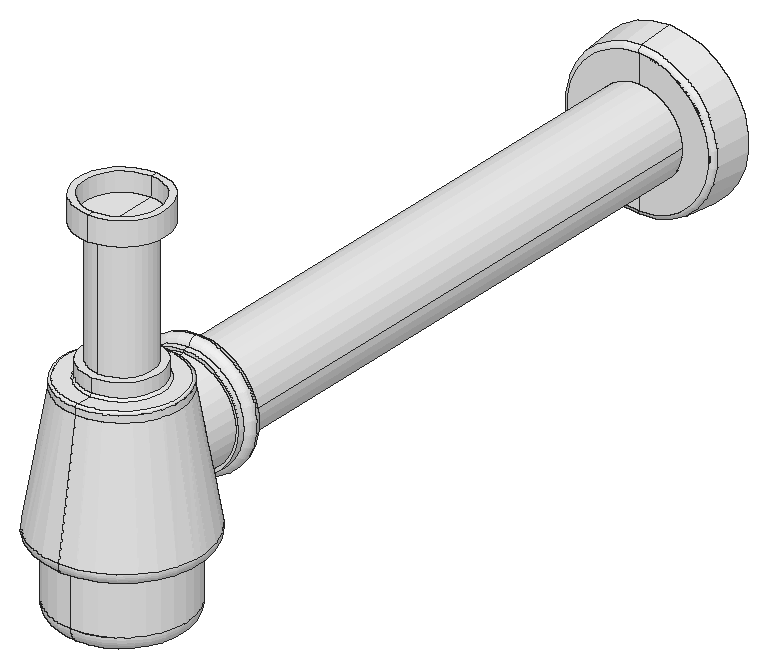
Revit family "Sifão_Pia", category Plumbing Fixtures, Revit 2025
Family settings
  Round Connector Dimension = Use Radius
  Part Type = Normal
  OmniClass Number = 23.45.05.00
  OmniClass Title = Sanitary Equipment
  Work Plane-Based = Yes
  Enable Cutting in Views = No
  Always vertical = Yes
  Cut with Voids When Loaded = Yes
  Maintain Annotation Orientation = No
  Shared = Yes
  Room Calculation Point = No
Parameters (values of type "Sifão_Pias")
  WFU = 2
  URL = "http://www.celite.com.br"
  Selo de Qualidade ofcdesk = "Standard"  # constant formula
  Raio1 [instance] = 16 mm
  Raio Ponto de Esgoto = 20 mm
  Model = Celite: Código  # "B5816C5CRB"
  Metais [instance] = CT_Cromados
  Manufacturer = Celite: Fabricante  # "Celite"
  Elevação [instance] = 680 mm
  Diâmetro Ponto de Esgoto = Raio Ponto de Esgoto * 2  # 40 mm
  Desenvolvido por = "ofcdesk"  # constant formula
  Description = Celite: Descrição  # "Sifão para lavatório 1\"x1.1⁄2\" com tubo de 300 mm (B5816C5CRB), linha Complementos - Metais Celite"
  Default Elevation = 0 mm
  Celite: Versão = "Autodesk Revit MEP 2014"  # constant formula
  Celite: Vazão de Projeto [instance] = 0.0 L/s
  Celite: Tipo = "Sifões"  # constant formula
  Celite: Produto = "Metais"  # constant formula
  Celite: Norma = "ABNT NBR 14162:2011 - Requisitos e métodos de ensaio"
  Celite: Link do Produto = "http://www.celite.com.br/pt/produtos/categoria/2/tipo/10/subtipo/9/"
  Celite: Linha = "Complementos"  # constant formula
  Celite: Informações Técnicas [instance] = "N/A"
  Celite: Informações Gerais [instance] = "N/A"
  Celite: Fabricante = "Celite"  # constant formula
  Celite: Desenho Técnico = "http://www.celite.com.br/media/uploads/desenhos_tecnicos/A5816C5CRB.gif"
  Celite: Descrição = "Sifão para lavatório 1\"x1.1⁄2\" com tubo de 300 mm (B5816C5CRB), linha Complementos - Metais Celite"
  Celite: Código = "B5816C5CRB"
  Celite: Cores Disponíveis = "Cromado"
  Celite: Copyright © = "© 2014 Celite"  # constant formula
  Celite: Categoria = "Cozinhas e Lavatórios"  # constant formula
  Celite: Altura da Peça [instance] = Elevação  # 680 mm
  Assembly Code = "D2010"
  Ajuste Vetical no Lavatório [instance] = 100 mm
  Afastamento da Parede [instance] = 300 mm
Reference planes
  plane 1 "Center (Front/Back)": y = 0
  plane 2: z = 0
  plane 3 "Center (Left/Right)": x = 0
  plane 4: y = -300
  plane 5: z = 780
  plane 6: z = 680
Forms (mm)
  Sweep 1, solid, material "CT_Cromados" <- "Metais"
    path origin (0, 1442.421, 680) x (0, 1, 0) y (-1, 0, 0)
      loop
        line (-1442.421, 0) -> (-1697.421, 0)
    profile origin (0, -127.5, 680) x (1, 0, 0) y (0, 0, 1)
      loop
        circle (0, 0) r 19.05
      loop
        circle (0, 0) r 16
  Revolve 2, solid, material "CT_Cromados" <- "Metais"
    sketch origin (0, 0, 0) x (0, 1, 0) y (0, 0, 1)
      loop
        line (-255, 680) -> (-255, 701.589)
        arc (-255, 701.589) -> (-256.067, 704.702) -> (-258.821, 706.505) r 5.073
        arc (-258.821, 706.505) -> (-261.574, 706.108) -> (-263.24, 703.88) r 3.635
        line (-263.24, 703.88) -> (-265.857, 703.88) -> (-265.857, 680) -> (-255, 680)
      axis (-265.857, 680) -> (-255, 680)
    angle from 0 to 360
  SweptBlend 3, solid, material "CT_Cromados" <- "Metais"
    path origin (0, 0, 0) x (0, 1, 0) y (0, 0, 1)
      loop
        line (-265.857, 680) -> (-300, 680)
    profile origin (0, -265.857, 680) x (0, 0, -1) y (1, 0, 0)
      loop
        circle (0, 0) r 22.486
    end profile origin (0, -300, 680) x (0, 0, -1) y (1, 0, 0)
      loop
        circle (0, 0) r 21.589
  Revolve 4, solid, material "CT_Cromados" <- "Metais"
    sketch origin (0, 0, 0) x (0, 1, 0) y (0, 0, 1)
      loop
        line (-300, 704.157) -> (-274.606, 704.157) -> (-274.606, 707.127)
        arc (-274.606, 707.127) -> (-274.901, 707.84) -> (-275.614, 708.135) r 1.008
        line (-275.614, 708.135) -> (-282.5, 708.135) -> (-283.521, 709.156) -> (-300, 709.156) -> (-300, 704.157)
      axis (-300, 709.156) -> (-300, 704.157)
    angle from 0 to 360
  Sweep 5, solid, material "CT_Cromados" <- "Metais"
    path origin (0, 0, 0) x (0, 1, 0) y (0, 0, 1)
      loop
        line (-300, 709.156) -> (-300, 715.122)
    profile origin (0, -300, 712.139) x (0, -1, 0) y (1, 0, 0)
      loop
        circle (0, 0) r 16.479
  Sweep 6, solid, material "CT_Cromados" <- "Metais"
    path origin (0, 0, 0) x (0, 1, 0) y (0, 0, 1)
      loop
        line (-300, 715.122) -> (-300, 769.613)
    profile origin (0, -300, 742.368) x (0, -1, 0) y (1, 0, 0)
      loop
        circle (0, 0) r 13
  Revolve 7, solid, material "CT_Cromados" <- "Metais"
    sketch origin (0, 0, 0) x (0, 1, 0) y (0, 0, 1)
      loop
        line (0, 699.07) -> (0, 714.571)
        arc (0, 714.571) -> (-7.459, 714.035) -> (-14.888, 713.172) r 170.27
        arc (-14.888, 713.172) -> (-16.254, 712.452) -> (-16.959, 711.077) r 2.565
        line (-16.959, 711.077) -> (-16.959, 699.07) -> (0, 699.07)
      axis (-16.959, 680) -> (0, 680)
    angle from 0 to 360
  Sweep 8, void
    path origin (0, 1442.421, 680) x (0, 1, 0) y (-1, 0, 0)
      loop
        line (-1440.976, 0) -> (-1456.552, 0)
    profile origin (0, -6.343, 680) x (1, 0, 0) y (0, 0, 1)
      loop
        circle (0, 0) r 30
  Revolve 9, solid, material "CT_Cromados" <- "Metais"
    sketch origin (0, 0, 0) x (0, 1, 0) y (0, 0, 1)
      loop
        line (-300, 771.707) -> (-300, 769.613) -> (-281.111, 769.613) -> (-281.111, 780) -> (-284, 780) -> (-284, 771.707) -> (-300, 771.707)
      axis (-300, 780) -> (-300, 769.613)
    angle from 0 to 360
  Revolve 10, solid, material "CT_Cromados" <- "Metais"
    sketch origin (0, 0, 0) x (0, 1, 0) y (0, 0, 1)
      loop
        line (-300, 704.157) -> (-325.394, 704.157) -> (-334.85, 649.952)
        arc (-334.85, 649.952) -> (-333.712, 646.324) -> (-330.244, 644.765) r 4.638
        line (-330.244, 644.765) -> (-328.223, 644.765) -> (-328.223, 621.563)
        arc (-328.223, 621.563) -> (-326.054, 616.326) -> (-320.818, 614.157) r 7.405
        line (-320.818, 614.157) -> (-300, 614.157) -> (-300, 704.157)
      axis (-300, 704.157) -> (-300, 614.157)
    angle from 0 to 360
Cuts and joins
  Sweep 8 cuts Sweep 1
  joined: Sweep 1, Revolve 2, SweptBlend 3, Revolve 4, Sweep 5, Sweep 6, Revolve 9, Revolve 10
  Sweep 8 cuts Revolve 7
Dimensions and locks
  "Ajuste Vetical no Lavatório": plane 5 to plane 6
  "Elevação": plane 6 to level
  locked: Sweep 1 sketch curve to plane 4 at 45
  Sweep 8 sketch curve to Sweep 8 sketch curve = 15.576 mm
  Revolve 7 sketch curve to Revolve 7 sketch curve to Revolve 7 sketch curve = 14.888 mm locked, 2.071 mm locked
  locked: Revolve 9 sketch curve to Revolve 9 sketch curve at 2.889
  "Raio1": Revolve 9 sketch curve to plane 4
  plane 5 to Revolve 9 sketch curve to Revolve 9 sketch curve = 8.293 mm locked, 2.093 mm locked
  Revolve 7 sketch curve to Revolve 7 sketch curve to Revolve 7 sketch curve to Revolve 7 sketch curve to plane 6 = 1.399 mm locked, 2.095 mm locked, 12.007 mm locked, 19.07 mm locked
  "Afastamento da Parede": plane 1 "Center (Front/Back)" to plane 4
  radius of Sweep 1 sketch curve = 16 mm
  radius of Revolve 7 sketch curve = 2.565 mm
  aligned and locked: plane 2 to level
  aligned and locked: plane 6 to Revolve 2 sketch curve
  aligned and locked: Revolve 2 sketch curve to plane 6
  aligned and locked: SweptBlend 3 sketch curve to plane 6
  aligned and locked: Revolve 4 sketch curve to plane 4
  aligned and locked: Sweep 5 sketch curve to plane 4
  aligned and locked: Revolve 4 to Sweep 5 sketch curve
  aligned and locked: Sweep 5 sketch curve to Revolve 4  (x2)
  aligned and locked: Sweep 5 to Sweep 6 sketch curve
  aligned and locked: Sweep 6 sketch curve to plane 4
  aligned and locked: Revolve 9 sketch curve to plane 4
  aligned and locked: plane 4 to Revolve 9 sketch curve
  aligned and locked: plane 4 to Revolve 10 sketch curve
  aligned and locked: Revolve 10 sketch curve to plane 4
  aligned and locked: plane 4 to SweptBlend 3 sketch curve
  aligned and locked: cut or joined group of Sweep 1, Revolve 2, SweptBlend 3, Revolve 4, Sweep 5, Sweep 6, Sweep 8, Revolve 9, Revolve 10 to SweptBlend 3 sketch curve
  aligned and locked: plane 6 to Sweep 8 sketch curve
  aligned and locked: plane 3 "Center (Left/Right)" to Sweep 8 sketch curve
Automatic sketch dimensions
  Sweep 1 sketch curve to plane 3 "Center (Left/Right)" = 0 mm
  Revolve 4 sketch curve to plane 4 = 0 mm
  plane 4 to Revolve 4 sketch curve = 16.479 mm
  Revolve 4 sketch curve to Revolve 4 sketch curve = 1.021 mm  (x2)
  Revolve 4 sketch curve to Revolve 4 sketch curve = 6.886 mm
  Revolve 4 sketch curve to Revolve 4 sketch curve = 1.008 mm
  plane 6 to Revolve 4 sketch curve = 22.296 mm
  Revolve 4 sketch curve to Revolve 4 sketch curve = 1.862 mm
  Revolve 4 sketch curve to Revolve 4 sketch curve = 0 mm
  Revolve 4 sketch curve to Revolve 4 sketch curve = 2.97 mm
  Sweep 6 sketch curve to plane 3 "Center (Left/Right)" = 0 mm
  Sweep 6 sketch curve to profile plane = 0 mm
  SweptBlend 3 sketch curve to plane 3 "Center (Left/Right)" = 0 mm  (x2)
  SweptBlend 3 sketch curve to profile plane = 0 mm  (x2)
  Sweep 1 sketch curve to Sweep 1 sketch curve = 0 mm  (x2)
  Sweep 1 sketch curve to plane 6 = 0 mm
  profile plane to Sweep 1 sketch curve = 0 mm
  Sweep 6 sketch curve to plane 5 = 10.387 mm
  Revolve 7 sketch curve to plane 1 "Center (Front/Back)" = 0 mm  (x2)
  Revolve 7 sketch curve to plane 6 = 0 mm
  Revolve 7 sketch curve to plane 1 "Center (Front/Back)" = 5 mm
  Sweep 5 sketch curve to Sweep 5 sketch curve = 5.967 mm
  Revolve 10 sketch curve to Revolve 10 sketch curve = 20.818 mm
  Revolve 10 sketch curve to Revolve 10 sketch curve = 25.394 mm
  Revolve 10 sketch curve to Revolve 10 sketch curve = 7.405 mm
  Revolve 10 sketch curve to Revolve 10 sketch curve = 2.021 mm
  Revolve 10 sketch curve to Revolve 10 sketch curve = 4.606 mm
  Revolve 10 sketch curve to plane 6 = 95.843 mm
  Revolve 10 sketch curve to Revolve 10 sketch curve = 20 mm
  Revolve 10 sketch curve to Revolve 10 sketch curve = 10 mm
  Revolve 10 sketch curve to Revolve 10 sketch curve = 23.202 mm
  Revolve 10 sketch curve to Revolve 10 sketch curve = 4.638 mm
  plane 6 to Revolve 10 sketch curve = 24.157 mm
  SweptBlend 3 sketch curve to SweptBlend 3 sketch curve = 0 mm  (x2)
  SweptBlend 3 sketch curve to SweptBlend 3 sketch curve = 22.486 mm
  plane 4 to Revolve 2 sketch curve = 34.143 mm
  Revolve 2 sketch curve to Revolve 2 sketch curve = 2.616 mm
  Revolve 2 sketch curve to Revolve 2 sketch curve = 3.167 mm
  Revolve 2 sketch curve to Revolve 2 sketch curve = 0.355 mm
  Revolve 2 sketch curve to Revolve 2 sketch curve = 0.897 mm
  Revolve 2 sketch curve to Revolve 2 sketch curve = 0 mm  (x2)
  Revolve 2 sketch curve to Revolve 2 sketch curve = 4.718 mm
  Revolve 2 sketch curve to Revolve 2 sketch curve = 5 mm
  plane 6 to Revolve 2 sketch curve = 21.589 mm
  Sweep 8 sketch curve to plane 3 "Center (Left/Right)" = 0 mm
  Revolve 7 sketch curve to plane 1 "Center (Front/Back)" = 8.47 mm
  plane 1 "Center (Front/Back)" to Sweep 1 sketch curve = 0 mm
  Revolve 9 sketch curve to plane 5 = 0 mm
  Revolve 9 sketch curve to plane 5 = 3.821 mm
  plane 5 to Revolve 9 sketch curve = 8.366 mm
  radius of Sweep 6 sketch curve = 13 mm
  radius of SweptBlend 3 sketch curve = 21.589 mm
  radius of Sweep 1 sketch curve = 19.05 mm
  radius of Sweep 8 sketch curve = 30 mm
Connectors
  piping at (0, 0, 680), diameter 40, driven by "WFU", driven by "Raio Ponto de Esgoto", driven by "Celite: Vazão de Projeto"
    settings: on Sweep 1, index 1, connector inside diameter 40 mm, connector length 0 mm, flow factor 0, pipe flow 0.0 L/s, pressure drop 0.0 Pa, fitting loss kfactor 0, connector angle 0.00°, fixture units 2, engagement length 0 mm, angle of deflection 0.00°, flow configuration 3, flow direction 2, fitting loss method 0, system type 16, joint type 0, gender type 0, connector reference index -1, connector utility 0, adjustable connector no, is connector primary yes, connector description ""
